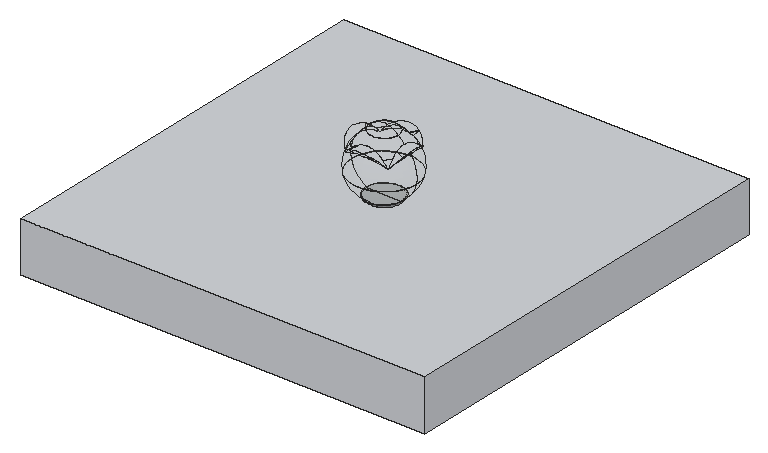
Revit family "GALAD Адонис LED", category Осветительные приборы, Revit 2018
Family settings
  Основа = Грань
  Размер круглого соединителя = Использовать диаметр
  Тип детали = Нормальный
  При загрузке вырезать с полостями = Нет
  Источник света = Да
  Общий = Нет
  Точка расчета площади = Нет
Parameters
  built-in parameter 1150104 = 13.8 (stored number, unit not read)
  Частота = "50"  # constant formula
  Цветопередача = 80  # constant formula
  built-in parameter 1150134 = 2
  Файл фотометрической сетки = "GALAD Adonis (3700-750-RAL7040-D-0-GEN1).ies"
  Угол наклона = 90.00°
  Тип устройства управления светодиодами = "Без управления"  # constant formula
  Тип продукции = "Светильник"  # constant formula
  Тип монтажной поверхности = "Торшер"  # constant formula
  Тип источника света = "LED"  # constant formula
  Тип ПРА = "ЭПРА"  # constant formula
  Тип КСС = 0  # constant formula
  Срок службы = "12 лет"  # constant formula
  built-in parameter 1150137 = (empty or 0)
  built-in parameter 1150132 = 2
  built-in parameter 1150114 = 1 (stored number, unit not read)
  Снижение светового потока во время разгорания = "не более 6%"  # constant formula
  Dimming Lamp Color Temperature Shift = (empty or 0)
  built-in parameter 1150105 = 105.2 (stored number, unit not read)
  Color Filter = 16777215
  Lumens = 3700 lm
  Световая отдача = 93  # constant formula
  Рассеиватель [instance] = Ударопрочный поликарбонат
  built-in parameter 1150109 = 1 (stored number, unit not read)
  built-in parameter 1150112 = 1 (stored number, unit not read)
  built-in parameter 1150110 = 1 (stored number, unit not read)
  built-in parameter 1150113 = 1 (stored number, unit not read)
  built-in parameter 1150115 = 1 (stored number, unit not read)
  built-in parameter 1114218 = 1 (stored number, unit not read)
  built-in parameter 1114217 = 1 (stored number, unit not read)
  Apparent Load = ADSK_Номинальная мощность / ADSK_Коэффициент мощности  # 41.6667 VA
  Default Elevation = 0 mm
  built-in parameter 1150106 = 1.052 (stored number, unit not read)
  Описание = "Классическая, привычная всем, форма светильника в современном светодиодном исполнении. Такие светильники освещают парки, скверы, бульвары, а иногда даже и улицы каждого российского города. Цельнолитое основание обеспечивает оптимальный теплоотвод, а антивандальный рассеиватель из ударопрочного светостабилизированного поликарбоната лучше сохраняет свой внешний вид и оптические свойства, по сравнению с обычным поликарбонатом."
  Область использования = "Садово-парковое освещение"  # constant formula
  built-in parameter 1150142 = "IESNA:LM-63-1995\r\n[TEST] \r\r\n[DATA] 10.10.2014\r\r\n[MORE] МЕВ\r\r\n[MANUFAC] GALAD\r\r\n[LUMCAT] \r\r\n[LUMINAIRE] GALAD Адонис LED-40-С??/Т60 (3700/750/RAL7040/D/0/GEN1)\r\r\n[LAMPCAT] \r\r\n[LAMP] СД 40 Вт\r\nTILT=NONE\r\n1    3700 3.70 37 1 1 2 0.400 0.400 0.465\r\n1.0 1.0 40\r\n0.0 5.0 10.0 15.0 20.0 25.0 30.0 35.0 40.0 45.0 50.0 55.0 60.0 65.0 70.0 75.0 80.0 85.0 90.0 95.0 100.0 105.0 110.0 115.0 120.0 125.0 130.0 135.0 140.0 145.0 150.0 155.0 160.0 165.0 170.0 175.0 180.0\r\n0.0\r\n30.9 30.9 30.9 32.2 33.4 35.9 39.6 44.5 48.3 52.0 54.4 58.2 63.1 66.8 69.3 74.2 77.9 81.7 85.4 89.1 91.6 94.0 96.5 97.8 100.2 101.5 101.5 101.5 102.7 105.2 105.2 105.2 105.2 105.2 105.2 105.2 105.2\r\n30.9 30.9 30.9 32.2 33.4 35.9 39.6 44.5 48.3 52.0 54.4 58.2 63.1 66.8 69.3 74.2 77.9 81.7 85.4 89.1 91.6 94.0 96.5 97.8 100.2 101.5 101.5 101.5 102.7 105.2 105.2 105.2 105.2 105.2 105.2 105.2 105.2\r\n"
  built-in parameter 1150133 = 10 (stored number, unit not read)
  Wattage = 24.9088 W
  Коэффициент пульсации = "менее 10%"  # constant formula
  built-in parameter 1150139 = (empty or 0)
  Корпус [instance] = Литой алюминий
  Код по ETIM = 0
  Климатическое исполнение = " -40…40 °С"  # constant formula
  Климатическая зона = "У1"  # constant formula
  Класс светораспределения = "Р"  # constant formula
  Класс защиты от поражения электрическим током = "1"  # constant formula
  Класс Защиты = "1"  # constant formula
  built-in parameter 1150138 = (empty or 0)
  built-in parameter 1150107 = 5000 (stored number, unit not read)
  built-in parameter 1150102 = (empty or 0)
  Изготовитель = "Лихославльский завод Светотехника"  # constant formula
  Диапазон цветовой температуры = "5028±283"  # constant formula
  Группа модели = "Светильники"  # constant formula
  Возможный угол наклона = "0"  # constant formula
  Блок аварийного питания = 1 = 0  # no
  URL = "https://galad.ru/catalog/outdoor/park/adonis/"
  IP = "54"  # constant formula
  ADSK_Энергоэффективность = 93 lm/W  # constant formula
  ADSK_Ток = ADSK_Номинальная мощность / (ADSK_Коэффициент мощности * ADSK_Напряжение * sqrt(ADSK_Количество фаз))  # 0.181159 A
  ADSK_Размер_Ширина = 400 mm  # constant formula
  ADSK_Размер_Длина = 400 mm  # constant formula
  ADSK_Размер_Высота = 484 mm  # constant formula
  ADSK_Примечание = ""
  ADSK_Полная мощность = ADSK_Номинальная мощность / ADSK_Коэффициент мощности  # 41.6667 VA
  ADSK_Позиция [instance] = ""
  ADSK_Обозначение = "ГОСТ 54350, ГОСТ 12.2.007.0, ГОСТ 17516.1, ГОСТ 15150"  # constant formula
  ADSK_Номинальная мощность = 40 W  # constant formula
  ADSK_Напряжение = 230 V  # constant formula
  ADSK_Наименование краткое = "GALAD Адонис LED-40"  # constant formula
  ADSK_Наименование = "GALAD Адонис LED-40-СПШ/Т60 (3700/750/RAL7040/D/0/GEN1)"  # constant formula
  ADSK_Материал наименование = ""
  ADSK_Масса_Текст = "2.7"  # constant formula
  ADSK_Масса = 2.7  # constant formula
  ADSK_Марка = ADSK_Наименование  # "GALAD Адонис LED-40-СПШ/Т60 (3700/750/RAL7040/D/0/GEN1)"
  ADSK_Коэффициент мощности = 0.96  # constant formula
  ADSK_Количество фаз = 1  # constant formula
  ADSK_Количество = 1  # constant formula
  ADSK_Код изделия = "13839"  # constant formula
  ADSK_Классификация нагрузок = Освещение
  ADSK_Завод-изготовитель = Изготовитель  # "Лихославльский завод Светотехника"
  ADSK_Единица измерения = "шт."  # constant formula
  ADSK_Группирование [instance] = ""
  ADSK_Версия семейства = "1.01"  # constant formula
  ADSK_Версия Revit = "2018"  # constant formula
Reference planes
  plane 1 "По центру (Вперед/Назад)": y = 0
  plane 2: z = 0
  plane 3 "По центру (Влево/Вправо)": x = 0
  plane 4: z = 407
  plane 5: x = 200
  plane 6: x = -200
  plane 7: y = -200
  plane 8: y = 200
  plane 9: z = 23
  plane 10: z = -77
Forms (mm)
  Extrusion 1, solid
    sketch origin (0, 0, 0) x (1, 0, 0) y (0, 1, 0)
      loop
        line (-1219.2, 1219.2) -> (-1219.2, -1219.2) -> (1219.2, -1219.2) -> (1219.2, 1219.2) -> (-1219.2, 1219.2)
    from 0 to -304.8
  Revolve 2, solid, material "Литой алюминий" <- "Корпус", detail levels fine
    sketch origin (0, 0, -77) x (1, 0, 0) y (0, 0, 1)
      loop
        line (0, 0) -> (36.642, 0) -> (36.813, 23.765)
        arc (36.813, 23.765) -> (59.06, 60.493) -> (94.87, 84.188) r 98.026
        arc (94.87, 84.188) -> (104.087, 90.513) -> (110, 100) r 27.33
        line (110, 100) -> (0, 100) -> (0, 0)
      axis (0, 0) -> (0, 100)
    angle from 0 to 360
  Extrusion 3, solid, material "Литой алюминий" <- "Корпус", detail levels coarse+medium
    sketch origin (0, 0, 0) x (1, 0, 0) y (0, 1, 0)
      loop
        circle (0, 0) r 30
    from -77 to 23
  Revolve 4, solid, material "Ударопрочный поликарбонат" <- "Рассеиватель", detail levels fine
    sketch origin (0, 0, 0) x (1, 0, 0) y (0, 0, 1)
      loop
        line (-105, 23) -> (0, 23) -> (0, 407)
        arc (0, 407) -> (-46.23, 397.258) -> (-85.598, 371.137) r 125.689
        arc (-85.598, 371.137) -> (-123.258, 334.483) -> (-158.927, 295.89) r 993.576
        arc (-158.927, 295.89) -> (-194.229, 224.658) -> (-197.092, 145.211) r 188.873
        arc (-197.092, 145.211) -> (-162.974, 75.117) -> (-105, 23) r 203.451
      axis (0, 23) -> (0, 407)
    angle from 0 to 360
  Revolve 5, solid, material "Ударопрочный поликарбонат" <- "Рассеиватель", detail levels fine
    sketch origin (-172.444, -56.8, 28.768) x (0.559193, 0.52173, 0.644283) y (0, -0.777146, 0.62932)
      loop
        line (308.38, 0) -> (442.334, 0) -> (391.345, 70.18) -> (308.38, 70.18) -> (308.38, 0)
      axis (308.38, 0) -> (308.38, 70.18)
    angle from 0 to 360
  Revolve 6, solid, material "Ударопрочный поликарбонат" <- "Рассеиватель", detail levels fine
    sketch origin (-56.8, 172.444, 28.768) x (0.52173, -0.559193, 0.644283) y (-0.777146, 0, 0.62932)
      loop
        line (308.38, 0) -> (442.334, 0) -> (391.345, 70.18) -> (308.38, 70.18) -> (308.38, 0)
      axis (308.38, 0) -> (308.38, 70.18)
    angle from 0 to 360
  Revolve 7, solid, material "Ударопрочный поликарбонат" <- "Рассеиватель", detail levels fine
    sketch origin (172.444, 56.8, 28.768) x (-0.559193, -0.52173, 0.644283) y (0, 0.777146, 0.62932)
      loop
        line (308.38, 0) -> (442.334, 0) -> (391.345, 70.18) -> (308.38, 70.18) -> (308.38, 0)
      axis (308.38, 0) -> (308.38, 70.18)
    angle from 0 to 360
  Revolve 8, solid, material "Ударопрочный поликарбонат" <- "Рассеиватель", detail levels fine
    sketch origin (56.8, -172.444, 28.768) x (-0.52173, 0.559193, 0.644283) y (0.777146, 0, 0.62932)
      loop
        line (308.38, 0) -> (442.334, 0) -> (391.345, 70.18) -> (308.38, 70.18) -> (308.38, 0)
      axis (308.38, 0) -> (308.38, 70.18)
    angle from 0 to 360
  Revolve 9, solid, material "Ударопрочный поликарбонат" <- "Рассеиватель", detail levels coarse+medium
    sketch origin (0, 0, 0) x (1, 0, 0) y (0, 0, 1)
      loop
        arc (0, 407) -> (-192.775, 253.356) -> (-105, 23) r 208.935
        line (-105, 23) -> (0, 23) -> (0, 407)
      axis (0, 407) -> (0, 23)
    angle from 0 to 360
Cuts and joins
  joined: Revolve 4, Revolve 5, Revolve 6, Revolve 7, Revolve 8
Dimensions and locks
  equal spacing: plane 6, plane 3 "По центру (Влево/Вправо)", plane 5
  "ADSK_Размер_Ширина": plane 6 to plane 5
  equal spacing: plane 7, plane 1 "По центру (Вперед/Назад)", plane 8
  "ADSK_Размер_Длина": plane 7 to plane 8
  locked: plane 9 to plane 2 at 23
  locked: plane 10 to plane 2 at 77
  "ADSK_Размер_Высота": plane 4 to plane 10
  aligned and locked: plane 2 to Extrusion 1
  aligned and locked: level to Extrusion 1
  aligned and locked: plane 3 "По центру (Влево/Вправо)" to Revolve 2 sketch curve
  aligned and locked: plane 9 to Extrusion 3
  aligned and locked: Extrusion 3 to plane 10
  aligned and locked: plane 9 to Revolve 2
  aligned and locked: plane 10 to Revolve 2
  aligned and locked: plane 3 "По центру (Влево/Вправо)" to Revolve 4 sketch curve
  aligned and locked: Revolve 9 sketch curve to Revolve 9 sketch curve
Automatic sketch dimensions
  Extrusion 1 sketch curve to Extrusion 1 sketch curve = 2438.4 mm  (x2)
  plane 1 "По центру (Вперед/Назад)" to Extrusion 3 sketch curve = 0 mm
  Extrusion 3 sketch curve to plane 3 "По центру (Влево/Вправо)" = 0 mm
  Revolve 5 sketch curve to Revolve 5 sketch curve = 70.18 mm
  Revolve 5 sketch curve to Revolve 5 sketch curve = 0 mm  (x2)
  Revolve 5 sketch curve to Revolve 5 sketch curve = 82.965 mm
  Revolve 5 sketch curve to Revolve 5 sketch curve = 50.989 mm
  Revolve 5 sketch curve to Revolve 5 sketch curve = 264.82 mm
  Revolve 6 sketch curve to Revolve 6 sketch curve = 82.965 mm
  Revolve 6 sketch curve to Revolve 6 sketch curve = 50.989 mm
  Revolve 6 sketch curve to Revolve 6 sketch curve = 70.18 mm
  Revolve 6 sketch curve to Revolve 6 sketch curve = 0 mm  (x2)
  Revolve 6 sketch curve to Revolve 6 sketch curve = 264.82 mm
  Revolve 2 sketch curve to plane 3 "По центру (Влево/Вправо)" = 0 mm
  Revolve 2 sketch curve to plane 10 = 0 mm
  Revolve 2 sketch curve to plane 9 = 0 mm
  plane 3 "По центру (Влево/Вправо)" to Revolve 2 sketch curve = 36.642 mm
  Revolve 2 sketch curve to Revolve 2 sketch curve = 0.171 mm
  plane 9 to Revolve 2 sketch curve = 9.408 mm
  plane 3 "По центру (Влево/Вправо)" to Revolve 2 sketch curve = 84.341 mm
  Revolve 2 sketch curve to Revolve 2 sketch curve = 25.659 mm
  Revolve 2 sketch curve to plane 10 = 7.424 mm
  Revolve 2 sketch curve to Revolve 2 sketch curve = 93.102 mm
  Revolve 2 sketch curve to Revolve 2 sketch curve = 23.765 mm
  plane 9 to Revolve 2 sketch curve = 55 mm
  Revolve 2 sketch curve to Revolve 2 sketch curve = 50 mm
  Revolve 4 sketch curve to plane 9 = 0 mm
  Revolve 4 sketch curve to plane 3 "По центру (Влево/Вправо)" = 0 mm
  Revolve 4 sketch curve to plane 4 = 0 mm
  Revolve 4 sketch curve to plane 3 "По центру (Влево/Вправо)" = 0.491 mm
  Revolve 4 sketch curve to plane 3 "По центру (Влево/Вправо)" = 11.138 mm
  Revolve 4 sketch curve to plane 6 = 95 mm
  plane 3 "По центру (Влево/Вправо)" to Revolve 4 sketch curve = 2.34 mm
  Revolve 4 sketch curve to plane 5 = 388.314 mm
  Revolve 4 sketch curve to plane 10 = 281.956 mm
  plane 9 to Revolve 4 sketch curve = 155.284 mm
  Revolve 4 sketch curve to Revolve 4 sketch curve = 19.273 mm
  Revolve 4 sketch curve to Revolve 4 sketch curve = 83.776 mm
  Revolve 4 sketch curve to plane 4 = 35.863 mm
  Revolve 4 sketch curve to plane 6 = 41.073 mm
  Revolve 4 sketch curve to Revolve 4 sketch curve = 30 mm
  Revolve 4 sketch curve to Revolve 4 sketch curve = 33.333 mm
  Revolve 7 sketch curve to Revolve 7 sketch curve = 82.965 mm
  Revolve 7 sketch curve to Revolve 7 sketch curve = 50.989 mm
  Revolve 7 sketch curve to Revolve 7 sketch curve = 70.18 mm
  Revolve 7 sketch curve to Revolve 7 sketch curve = 0 mm  (x2)
  Revolve 7 sketch curve to Revolve 7 sketch curve = 264.82 mm
  Revolve 8 sketch curve to Revolve 8 sketch curve = 82.965 mm
  Revolve 8 sketch curve to Revolve 8 sketch curve = 50.989 mm
  Revolve 8 sketch curve to Revolve 8 sketch curve = 70.18 mm
  Revolve 8 sketch curve to Revolve 8 sketch curve = 0 mm  (x2)
  Revolve 8 sketch curve to Revolve 8 sketch curve = 264.82 mm
  Revolve 9 sketch curve to plane 9 = 0 mm
  Revolve 9 sketch curve to plane 3 "По центру (Влево/Вправо)" = 0 mm
  Revolve 9 sketch curve to plane 4 = 0 mm
  Revolve 9 sketch curve to plane 6 = 95 mm
  plane 3 "По центру (Влево/Вправо)" to Revolve 9 sketch curve = 8.762 mm
  plane 9 to Revolve 9 sketch curve = 79 mm
  Revolve 9 sketch curve to plane 4 = 55 mm
  radius of Extrusion 3 sketch curve = 30 mm
Connectors
  electrical at (0, 0, -77), driven by "ADSK_Количество фаз", driven by "ADSK_Классификация нагрузок", driven by "ADSK_Напряжение", driven by "Apparent Load", driven by "ADSK_Коэффициент мощности"
    settings: on Revolve 2, index 1, voltage 230 V, apparent load 41.6667 VA, apparent load phase1 0 VA, apparent load phase2 0 VA, apparent load phase3 0 VA, power factor 0.96, load classification "Освещение", number of poles 1, system type 30, power factor state 1, is connector primary yes, connector utility no, sub classification motor no, connector description ""
